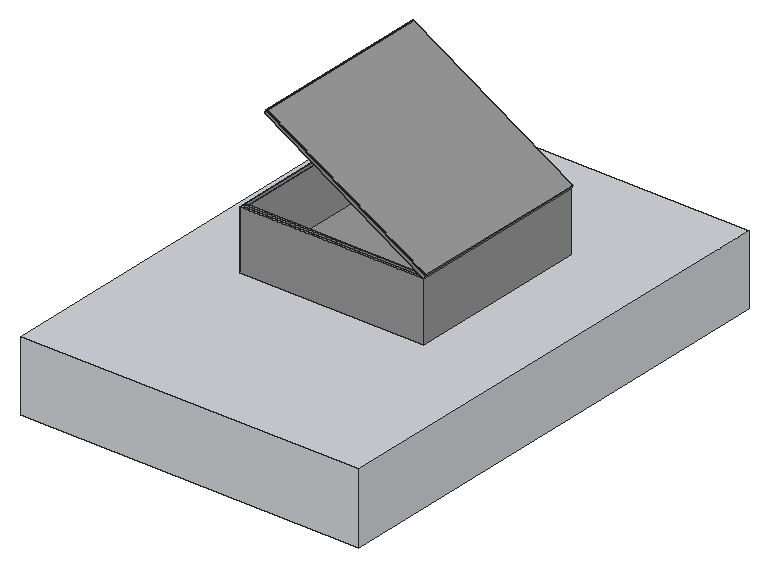
Revit family "Hager-Univers-IP55-D275-H800-Cl.I-Steel_encl-CH-de", category Equipement électrique, Revit 2020
Family settings
  Hôte = Face
  Configuration du panneau = Deux colonnes, circuits au sein
  Cote de connecteur circulaire = Utiliser le diamètre
  Type d'élément = Tableau de raccordement
  Couper avec des vides une fois chargée = Non
  Partagée = Non
  Point de calcul de pièce = Non
Parameters (values of type "Aufputz IP55 B800 H800 T275  - FR53E")
  Width Control [instance] = if([EF000008 - Breite] > Min Width, [EF000008 - Breite], Min Width)  # 800 mm
  Commentaires du type = [HG000003 - Bereich]  # "Univers"
  Thickness Door [instance] = if([EF009171 - Materialstärke Tür/Deckel] > 3 mm, 3 mm, [EF009171 - Materialstärke Tür/Deckel])  # 1.5 mm
  Seal Frame Offset [instance] = 17 mm  # constant formula
  Plinth Visibility [instance] = [HG000027 - Sockelhöhe] > 0 mm  # no
  Model = ""
  Min Width [instance] = 100 mm  # constant formula
  Min Height [instance] = 100 mm  # constant formula
  Min Depth [instance] = (2 * [EF009170 - Materialstärke Gehäuse]) + 1 mm  # 4 mm
  Internal Frame Depth [instance] = (Door System Depth * 0.5)  # 9 mm
  Height Control [instance] = if([EF000040 - Höhe] > Min Height, [EF000040 - Höhe], Min Height)  # 800 mm
  HG000027 - Sockelhöhe = 0 mm
  HG000026 - Stehend auf dem Boden = no
  HG000024 - Höhe des unteren Teils = 800 mm
  HG000023 - Gehäuse mit doppeltem Querschnitt = no
  HG000016 - 3D-Türsichtbarkeit [instance] = yes
  HG000015 - Sichtbarkeit der Türöffnung [instance] = no
  HG000014 - Tür rechts [instance] = yes
  HG000013 - Tür links [instance] = not([HG000014 - Tür rechts])  # no
  HG000012 - Türschwenkwinkel [instance] = 30.00°
  HG000010 - Asymmetrische Türen = no
  HG000009 - Doppelflügeligen Tür = no
  HG000006 - Unterputz = no
  HG000004 - Herstellerreferenz = "FR53E"
  HG000003 - Bereich = "Univers"
  HG000002 - Mit tür = yes
  Frame Offset Bottom [instance] = 10 mm  # constant formula
  Frame Offset [instance] = 15 mm  # constant formula
  EF015940 - Deckel mit Überdruckentlastung = no
  EF011959 - Schutzart (NEMA) = ""
  EF009554 - Anzahl der Öffnungen für Flanschplatten = 6
  Fabricant = "Hager"  # constant formula
  EF009212 - Ausführung Deckel = "EV000116 - geschlossen"
  EF009171 - Materialstärke Tür/Deckel = 1.5 mm
  EF009170 - Materialstärke Gehäuse = 1.5 mm
  EF008873 - Nennstrom (In) = 800 A
  EF007800 - Geeignet für Blitzschutz = no
  EF006306 - Mit Schloss = no
  EF006244 - Transparenter Deckel/Tür = no
  EF005474 - Schutzart (IP) = "EV006420 - IP55"
  EF004464 - Art der Tür = "EV002646 - Einzel"
  EF004427 - Anzahl der Module = 180
  EF004293 - Schlagfestigkeit = "EV008784 - IK10"
  EF003532 - Geeignet für Außengebrauch = no
  EF002950 - Breite in Teilungseinheiten = 24
  EF001613 - Funktionserhalt = "EV000494 - ohne"
  EF001596 - Werkstoff des Gehäuses = "EV000179 - Stahl"
  EF001131 - Innentiefe = 275 mm
  EF001088 - Anbaumöglichkeit = yes
  EF000437 - Anzahl der Leitungseinführungen = 6
  EF000339 - Art der Abdeckung = "EV004216 - Tür"
  EF000266 - Anzahl der Reihen = 5
  EF000218 - Einbautiefe = 0 mm
  EF000118 - Mit Montageplatte = no
  EF000116 - RAL-Nummer = "7035"
  EF000049 - Tiefe = 275 mm
  EF000040 - Höhe = 800 mm
  EF000008 - Breite = 800 mm
  EF000007 - Farbe = "EV000270 - grau"
  EF000003 - Montageart = "EV000384 - Aufputz"
  Door System Leaf Tolerance [instance] = 1.5 mm  # constant formula
  Door System Depth [instance] = 18 mm  # constant formula
  Door Height [instance] = Height Control - [HG000027 - Sockelhöhe]  # 800 mm
  Depth Control [instance] = if([EF000049 - Tiefe] > Min Depth, [EF000049 - Tiefe], Min Depth)  # 275 mm
  Default Elevation = 0 mm
  Connector Offset [instance] = Height Control / 2  # 400 mm
  Bottom Top Plate Trim [instance] = 1.5 mm  # constant formula
  Plinth height Ctrl [instance] = if([HG000027 - Sockelhöhe] > 0 mm, [HG000027 - Sockelhöhe], 12 mm)  # 12 mm
Types (5, lengths in mm): name | Width Control | HG000010 - Asymmetrische Türen | HG000009 - Doppelflügeligen Tür | HG000004 - Herstellerreferenz | EF009554 - Anzahl der Öffnungen für Flanschplatten | EF004464 - Art der Tür | EF004427 - Anzahl der Module | EF000437 - Anzahl der Leitungseinführungen | EF000008 - Breite
  Aufputz IP55 B1050 H800 T275  - FR54E | 1050 | no | yes | "FR54E" | 8 | "EV003602 - Doppel" | 240 | 8 | 1050
  Aufputz IP55 B1300 H800 T275  - FR55E | 1300 | yes | yes | "FR55E" | 10 | "EV003602 - Doppel" | 300 | 10 | 1300
  Aufputz IP55 B300 H800 T275  - FR51E | 300 | no | no | "FR51E" | 2 | "EV002646 - Einzel" | 60 | 2 | 300
  Aufputz IP55 B550 H800 T275  - FR52E | 550 | no | no | "FR52E" | 4 | "EV002646 - Einzel" | 120 | 4 | 550
  Aufputz IP55 B800 H800 T275  - FR53E | 800 | no | no | "FR53E" | 6 | "EV002646 - Einzel" | 180 | 6 | 800
Reference planes
  plane 1 "Center (Front/Back)": y = 0
  plane 2: z = 0
  plane 3 "Center (Left/Right)": x = 0
  plane 4: z = 275
  plane 5: y = 1.5
  plane 6: y = 400
  plane 7: y = 0
  plane 8: y = 800
  plane 9: z = 0
  plane 10: x = -385
  plane 11: x = 385
  plane 12: x = 383.5
  plane 13: x = -383.5
  plane 14: y = 798.5
  plane 15: x = -383
  plane 16: x = -400
  plane 17: x = 383
  plane 18: x = 400
  plane 19: x = 398.5
  plane 20: x = -398.5
  plane 21: y = 11.5
  plane 22: y = 800
  plane 23: y = 783.5
  plane 24: z = 257
  plane 25: z = 1.5
  plane 26: z = 255.5
  plane 27: z = 273.5
Forms (mm)
  Extrusion 1, solid
    sketch origin (0, 0, 0) x (1, 0, 0) y (0, 1, 0)
      loop
        line (-702.964, 1305) -> (-702.964, -811.445) -> (766.763, -811.445) -> (766.763, 1305) -> (-702.964, 1305)
    from 0 to -304.8
  Extrusion 2, solid, material "Hager_Steel_RAL7035_Light_Grey", visible <- "Plinth Visibility", detail levels medium+fine
    sketch origin (0, 0, 0) x (1, 0, 0) y (0, 1, 0)
      loop
        line (-400, 0) -> (400, 0) -> (400, 12) -> (-400, 12) -> (-400, 0)
    from 0 to 257
  Extrusion 3, solid, material "Hager_Steel_RAL7035_Light_Grey", detail levels medium+fine
    sketch origin (0, 0, 0) x (1, 0, 0) y (0, 1, 0)
      loop
        line (-400, 0) -> (400, 0) -> (400, 800) -> (-400, 800) -> (-400, 0)
    from 0 to 257
  Extrusion 4, void
    sketch origin (0, 0, 0) x (1, 0, 0) y (0, 1, 0)
      loop
        line (-398.5, 1.5) -> (398.5, 1.5) -> (398.5, 798.5) -> (-398.5, 798.5) -> (-398.5, 1.5)
    from 1.5 to 255.5
  Extrusion 5, void
    sketch origin (-381.607, -4572, 257) x (0, -1, 0) y (-1, 0, 0)
      loop
        line (-4583.5, 1.893) -> (-5355.5, 1.893) -> (-5355.5, -765.107) -> (-4583.5, -765.107) -> (-4583.5, 1.893)
    from 0 to 1.5 <- "EF009170 - Materialstärke Gehäuse"
  Extrusion 6, solid, material "Hager_Steel_RAL7035_Light_Grey", detail levels fine
    sketch origin (0, 0, 257) x (1, 0, 0) y (0, 1, 0)
      loop
        line (-383.5, 783.5) -> (-383.5, 11.5) -> (383.5, 11.5) -> (383.5, 783.5) -> (-383.5, 783.5)
      loop
        line (-385, 10) -> (385, 10) -> (385, 785) -> (-385, 785) -> (-385, 10)
    from 0 to 9 <- "Internal Frame Depth"
  Extrusion 7, solid, material "Hager_Steel_RAL7035_Light_Grey", detail levels coarse
    sketch origin (0, 0, 0) x (1, 0, 0) y (0, 1, 0)
      loop
        line (-400, 0) -> (400, 0) -> (400, 800) -> (-400, 800) -> (-400, 0)
    from 0 to 275
  Sweep 8, void
    path in 3D
      loop
        line (-400, 12, 0) -> (400, 12, 0) -> (400, 12, 257) -> (-400, 12, 257) -> (-400, 12, 0)
    profile origin (-400, 12, 128.5) x (-1, 0, 0) y (0, -1, 0)
      loop
        line (0, 0) -> (0, 1.5) -> (-1.5, 1.5)
        arc (-1.5, 1.5) -> (-1.061, 0.439) -> (0, 0) r 1.5
Cuts and joins
  Extrusion 4, Extrusion 5 cuts Extrusion 3
  Sweep 8 cuts Extrusion 2
Lines and regions (mm)
  Masking region 1
    outline origin (0, 0, 0) x (1, 0, 0) y (0, 0, 1)
      loop
        line (-400, 275) -> (-400, 0) -> (400, 0) -> (400, 275) -> (-400, 275)
  Masking region 2, detail levels medium+fine
    outline origin (0, 140, 0) x (0, 1, 0) y (0, 0, 1)
      loop
        line (-140, 0) -> (660, 0) -> (660, 257) -> (-140, 257) -> (-140, 0)
  Masking region 3, not visible, detail levels medium+fine
    outline origin (0, 297.922, 0) x (0, 1, 0) y (0, 0, 1)
      loop
        line (113.578, 0) -> (153.578, 0) -> (153.578, 263.5)
        arc (153.578, 263.5) -> (150.649, 270.571) -> (143.578, 273.5) r 10
        line (143.578, 273.5) -> (113.578, 273.5) -> (113.578, 0)
  Masking region 4, detail levels coarse
    outline origin (0, 0, 180) x (0, 1, 0) y (0, 0, 1)
      loop
        line (0, -180) -> (800, -180) -> (800, 95) -> (0, 95) -> (0, -180)
  Masking region 5, visible <- "Plinth Visibility", detail levels medium+fine
    outline origin (0, 52.24, 12.345) x (0, 0, -1) y (0, 1, 0)
      loop
        line (10.845, -40.24) -> (-243.155, -40.24)
        arc (-243.155, -40.24) -> (-243.594, -41.301) -> (-244.655, -41.74) r 1.5
        line (-244.655, -41.74) -> (-244.655, -52.24) -> (12.345, -52.24) -> (12.345, -41.74)
        arc (12.345, -41.74) -> (11.285, -41.301) -> (10.845, -40.24) r 1.5
  Masking region 6, detail levels medium+fine
    outline origin (-381.607, -4572, 257) x (-1, 0, 0) y (0, -1, 0)
      loop
        line (18.393, -5372) -> (18.393, -4572) -> (-781.607, -4572) -> (-781.607, -5372) -> (18.393, -5372)
  Masking region 7, visible <- "Plinth Visibility", detail levels medium+fine
    outline origin (-381.607, -4727, 257) x (-1, 0, 0) y (0, -1, 0)
      loop
        arc (16.893, -4739) -> (17.332, -4737.939) -> (18.393, -4737.5) r 1.5
        line (18.393, -4737.5) -> (18.393, -4727) -> (-781.607, -4727) -> (-781.607, -4737.5)
        arc (-781.607, -4737.5) -> (-780.546, -4737.939) -> (-780.107, -4739) r 1.5
        line (-780.107, -4739) -> (16.893, -4739)
  Masking region 8, detail levels coarse
    outline origin (-442.548, -4669.526, 257) x (-1, 0, 0) y (0, -1, 0)
      loop
        line (-42.548, -5469.526) -> (-42.548, -4669.526) -> (-842.548, -4669.526) -> (-842.548, -5469.526) -> (-42.548, -5469.526)
  sketch lines
    curve 1: line (-400, 12, 257) -> (-400, 12, 0)
    curve 2: line (400, 12, 257) -> (-400, 12, 257)
    curve 3: line (400, 12, 257) -> (400, 12, 0)
    curve 4: line (-400, 12, 0) -> (400, 12, 0)
Dimensions and locks
  "Depth Control": plane 4 to Extrusion 1
  "HG000027 - Sockelhöhe": plane 1 "Center (Front/Back)" to plane 7
  "EF009170 - Materialstärke Gehäuse": plane 5 to plane 7
  locked: connector elem to plane 3 "Center (Left/Right)"
  equal spacing: plane 8, plane 6, plane 7
  locked: connector elem to plane 6
  "EF009170 - Materialstärke Gehäuse": plane 8 to plane 14
  "EF009170 - Materialstärke Gehäuse": plane 10 to plane 13
  "EF009170 - Materialstärke Gehäuse": plane 12 to plane 11
  "Frame Offset": plane 20 to plane 13
  "Frame Offset": plane 12 to plane 19
  "EF009170 - Materialstärke Gehäuse": plane 16 to plane 20
  "EF009170 - Materialstärke Gehäuse": plane 19 to plane 18
  "Seal Frame Offset": plane 16 to plane 15
  "Seal Frame Offset": plane 17 to plane 18
  "Frame Offset Bottom": plane 21 to plane 5
  "Frame Offset": plane 14 to plane 23
  equal spacing: plane 16, plane 3 "Center (Left/Right)", plane 18
  "Width Control": plane 16 to plane 18
  "EF009170 - Materialstärke Gehäuse": plane 4 to plane 27
  "EF009170 - Materialstärke Gehäuse": plane 24 to plane 26
  "EF009170 - Materialstärke Gehäuse": plane 25 to level
  "Door System Depth": plane 4 to plane 24
  "Height Control": plane 1 "Center (Front/Back)" to Extrusion 7 sketch curve
  "Height Control": Masking region 4 sketch curve to plane 1 "Center (Front/Back)"
  "Height Control": plane 1 "Center (Front/Back)" to plane 22
  "Bottom Top Plate Trim": profile plane to Sweep 8 sketch curve
  "Bottom Top Plate Trim": Sweep 8 sketch curve to profile plane
  "Plinth height Ctrl": plane 1 "Center (Front/Back)" to Extrusion 2 sketch curve
  "Plinth height Ctrl": Masking region 5 sketch curve to plane 1 "Center (Front/Back)"
  "Plinth height Ctrl": plane 1 "Center (Front/Back)" to Masking region 7 sketch curve
  "Thickness Door": Extrusion 6 sketch curve to Extrusion 6 sketch curve  (x3)
  "Thickness Door": cut or joined group of Extrusion 3, Extrusion 4, Extrusion 5 to Extrusion 6 sketch curve
  radius of Masking region 3 sketch curve = 10 mm
  "Bottom Top Plate Trim": radius of Masking region 5 sketch curve  (x2)
  "Bottom Top Plate Trim": radius of Sweep 8 sketch curve
  "Bottom Top Plate Trim": radius of Masking region 7 sketch curve  (x2)
  aligned and locked: plane 2 to Extrusion 1
  aligned and locked: level to Extrusion 1
  aligned and locked: level to Masking region 1 sketch curve
  aligned and locked: Masking region 1 sketch curve to plane 18
  aligned and locked: Masking region 1 sketch curve to plane 16
  aligned and locked: plane 7 to Masking region 2 sketch curve
  aligned and locked: level to Masking region 3 sketch curve
  aligned and locked: Masking region 3 sketch curve to plane 27
  aligned and locked: level to Masking region 2 sketch curve
  aligned and locked: plane 1 "Center (Front/Back)" to Extrusion 2 sketch curve
  aligned and locked: Extrusion 3 sketch curve to plane 7
  aligned and locked: plane 16 to Extrusion 3 sketch curve
  aligned and locked: plane 18 to Extrusion 3 sketch curve
  aligned and locked: plane 20 to Extrusion 4 sketch curve
  aligned and locked: plane 19 to Extrusion 4 sketch curve
  aligned and locked: Extrusion 4 sketch curve to plane 5
  aligned and locked: Extrusion 4 to plane 25
  aligned and locked: plane 26 to Extrusion 4
  aligned and locked: plane 24 to Extrusion 3
  aligned and locked: Extrusion 5 sketch curve to plane 21
  aligned and locked: Extrusion 5 sketch curve to plane 13
  aligned and locked: Extrusion 5 sketch curve to plane 12
  aligned and locked: plane 18 to Extrusion 7 sketch curve
  aligned and locked: plane 1 "Center (Front/Back)" to Extrusion 7 sketch curve
  aligned and locked: plane 16 to Extrusion 7 sketch curve
  aligned and locked: plane 4 to Extrusion 7
  aligned and locked: Extrusion 7 to level
  aligned and locked: level to Masking region 4 sketch curve
  aligned and locked: Masking region 4 sketch curve to plane 1 "Center (Front/Back)"
  aligned and locked: Masking region 4 sketch curve to plane 4
  aligned and locked: nested 1 to level
  aligned and locked: nested 1 to plane 16
  aligned and locked: plane 8 to Extrusion 3 sketch curve
  aligned and locked: plane 23 to Extrusion 5 sketch curve
  aligned and locked: plane 14 to Extrusion 4 sketch curve
  aligned and locked: Masking region 2 sketch curve to plane 8
  aligned and locked: level to Masking region 5 sketch curve
  aligned and locked: plane 16 to Extrusion 2 sketch curve
  aligned and locked: plane 18 to Extrusion 2 sketch curve
  aligned and locked: Masking region 5 sketch curve to plane 24
  aligned and locked: Masking region 2 sketch curve to plane 24
  aligned and locked: plane 24 to Extrusion 2
  aligned and locked: profile plane to Sweep 8 sketch curve  (x2)
  aligned and locked: Masking region 6 sketch curve to plane 18
  aligned and locked: Masking region 6 sketch curve to plane 22
  aligned and locked: Masking region 6 sketch curve to plane 16
  aligned and locked: plane 8 to plane 22
  aligned and locked: Masking region 6 sketch curve to plane 7
  aligned and locked: Masking region 7 sketch curve to plane 16
  aligned and locked: Masking region 7 sketch curve to plane 1 "Center (Front/Back)"
  aligned and locked: Masking region 7 sketch curve to plane 18
  aligned and locked: Masking region 8 sketch curve to plane 1 "Center (Front/Back)"
  aligned and locked: Masking region 8 sketch curve to plane 18
  aligned and locked: Masking region 8 sketch curve to plane 22
  aligned and locked: Masking region 8 sketch curve to plane 16
  aligned and locked: nested 2 to plane 7
  aligned and locked: plane 3 "Center (Left/Right)" to nested 2
  aligned and locked: nested 2 to plane 24
  aligned and locked: Extrusion 6 sketch curve to cut or joined group of Extrusion 3, Extrusion 4, Extrusion 5  (x4)
Automatic sketch dimensions
  Extrusion 1 sketch curve to Extrusion 1 sketch curve = 1469.727 mm
  Extrusion 1 sketch curve to Extrusion 1 sketch curve = 2116.445 mm
  Masking region 1 sketch curve to plane 4 = 0 mm
  plane 6 to Masking region 3 sketch curve = 11.5 mm
  Masking region 3 sketch curve to Masking region 3 sketch curve = 30 mm
  Masking region 5 sketch curve to plane 1 "Center (Front/Back)" = 0 mm
Nested families
  nested 1: "Hager_Enclosure_Symbol" at (-400, 0, 0) x (1, 0, 0) z (0, -1, 0), Height <- "Depth Control", Width <- "Width Control", type "Hager_Enclosure_Symbol"
    with Width_Ctrl 800 mm, Width 800 mm, Height_Ctrl 275 mm, Height 275 mm, A_Width_Int 18.047 mm, A_Width 216.562 mm, A_Height_Ctrl 240.625 mm, A_Height 240.625 mm
  nested 2: "EC000058_Univers_Door" at (0, 0, 257) x (1, 0, 0) z (0, 1, 0), Leaf_Tolerance <- "Door System Leaf Tolerance", Angle <- "HG000012 - Türschwenkwinkel", Door_Depth <- "Door System Depth", Door_Left <- "HG000013 - Tür links", Transparent <- "EF006244 - Transparenter Deckel/Tür", Assymetrical <- "HG000010 - Asymmetrische Türen", Width <- "Width Control", Clearance <- "HG000015 - Sichtbarkeit der Türöffnung", Double <- "HG000009 - Doppelflügeligen Tür", 3d_Door <- "HG000016 - 3D-Türsichtbarkeit", Lock_Visibility <- "EF006306 - Mit Schloss", Width_Ctrl <- "Width Control", Door_Right <- "HG000014 - Tür rechts", Door <- "HG000002 - Mit tür", Height <- "Door Height", Thickness <- "Thickness Door", type "EC000058_Univers_Door", detail levels medium+fine
    with min_wh 4 mm, Width_Ctrl 800 mm, Width 800 mm, Transparent no, Thickness 1.5 mm, Seal_Material Hager_Rubber, Lock_Visibility no, Lock_Material Hager_Plastic_RAL9005_Jet_Black, Leaf_Width 800 mm, Leaf_Tolerance_External_Sides 0 mm, Leaf_Tolerance 1.5 mm, Leaf_Offset 0 mm, Leaf_Height 797 mm, Leaf_2_Width 800 mm, Leaf_2_Offset 400 mm, Leaf_1_Width 800 mm, Leaf_1_Offset 400 mm, Height_Ctrl 800 mm, Height 800 mm, Glass_Material Hager_Glass, Double_Clearance_Ctrl no, Double no, Door_Right_Ctrl yes, Door_Right yes, Door_Material Hager_Steel_RAL7035_Light_Grey, Door_Left_Ctrl no, Door_Left no, Door_Depth 18 mm, Door yes, Clearance_Material Hager_Clearance, Clearance_Depth 800 mm, Clearance_Ctrl no, Clearance no, Assymetrical no, Angle 30.00°, 3d_Door yes
Connectors
  electrical at (0, 400, 0)
    settings: on plane 9, index 1, voltage 0 V, apparent load 0 VA, apparent load phase1 0 VA, apparent load phase2 0 VA, apparent load phase3 0 VA, power factor 1, load classification "Other", number of poles 1, system type 30, power factor state 1, is connector primary yes, connector utility no, sub classification motor no, connector description ""
Definition of nested family "EC000058_Univers_Door"
  Parameters (values of type "EC000058_Univers_Door")
    min_wh [instance] = (2 * Thickness) + 1 mm  # 11 mm
    Width_Ctrl [instance] = 400 mm
    Width [instance] = 500 mm
    Transparent [instance] = yes
    Thickness [instance] = 5 mm
    Seal_Material [instance] = none
    Lock_Visibility [instance] = yes
    Lock_Material [instance] = none
    Leaf_Width [instance] = if((Width_Ctrl - 2 * Leaf_Tolerance_External_Sides) > 0 mm, (Width_Ctrl - 2 * Leaf_Tolerance_External_Sides), min_wh)  # 400 mm
    Leaf_Tolerance_External_Sides [instance] = 0 mm  # constant formula
    Leaf_Tolerance [instance] = 1.5 mm
    Leaf_Offset [instance] = 0 mm  # constant formula
    Leaf_Height [instance] = if((Height_Ctrl - 2 * Leaf_Tolerance) > 0 mm, (Height_Ctrl - 2 * Leaf_Tolerance), min_wh)  # 497 mm
    Leaf_2_Width [instance] = if(and(and(Double, Assymetrical), Door_Left), (Leaf_Width / 3) - (Leaf_Tolerance / 2), if(and(and(Double, Assymetrical), Door_Right), (Leaf_Width / 3) * 2 - (Leaf_Tolerance / 2), if(and(Double, not(Assymetrical)), (Leaf_Width / 2) - Leaf_Tolerance, Leaf_Width)))  # 400 mm
    Leaf_2_Offset [instance] = if(and(Double, Assymetrical), Leaf_2_Width / 2, if(and(Double, not(Assymetrical)), Leaf_Width / 4, Leaf_Width / 2))  # 200 mm
    Leaf_1_Width [instance] = if(and(and(Double, Assymetrical), Door_Right), (Leaf_Width / 3) - (Leaf_Tolerance / 2), if(and(and(Double, Assymetrical), Door_Left), (Width / 3) * 2 - (Leaf_Tolerance / 2), if(and(Double, not(Assymetrical)), (Leaf_Width / 2) - Leaf_Tolerance, Leaf_Width)))  # 400 mm
    Leaf_1_Offset [instance] = if(and(Double, Assymetrical), Leaf_1_Width / 2, if(and(Double, not(Assymetrical)), Leaf_Width / 4, Leaf_Width / 2))  # 200 mm
    Height_Ctrl [instance] = if(Height > min_wh, Height, min_wh)  # 500 mm
    Height [instance] = 500 mm
    Glass_Material [instance] = none
    Double_Clearance_Ctrl [instance] = and(Double, Clearance)  # no
    Double [instance] = no
    Door_Right_Ctrl [instance] = and(or(Door_Right, Double), Door)  # yes
    Door_Right [instance] = yes
    Door_Material [instance] = none
    Door_Left_Ctrl [instance] = and(or(Door_Left, Double), Door)  # no
    Door_Left [instance] = no
    Door_Depth [instance] = 30 mm
    Door [instance] = yes
    Default Elevation = 1219.2 mm
    Clearance_Material [instance] = none
    Clearance_Depth [instance] = if(Leaf_1_Width > Leaf_2_Width, Leaf_1_Width, Leaf_2_Width)  # 400 mm
    Clearance_Ctrl [instance] = and(not(Double), Clearance)  # yes
    Clearance [instance] = yes
    Assymetrical [instance] = yes
    Angle [instance] = 30.00°
    3d_Door [instance] = yes
  Reference planes
    plane 1 "Center (Front/Back)": y = 0
    plane 2 "Bottom": z = 0
    plane 3 "Center (Left/Right)": x = 0
    plane 4: z = 500
    plane 5: x = -200
    plane 6: x = 200
    plane 7: z = 500
    plane 8: x = -200
    plane 9: z = 0
    plane 10: x = 200
    plane 11: y = 0
    plane 12: z = 1.5
    plane 13: x = -600
    plane 14: y = -400
    plane 15: x = 600
    plane 16: x = 0
    plane 17: x = 0
    plane 18: x = -200
    plane 19: x = 200
    plane 20: z = 498.5
  Forms (mm)
    Extrusion 1, solid, material <- "Clearance_Material", visible <- "Double_Clearance_Ctrl"
      sketch origin (1200, 0, 0) x (1, 0, 0) y (0, 0, -1)
        loop
          line (-1800, -498.5) -> (-600, -498.5) -> (-600, 0) -> (-1800, 0) -> (-1800, -498.5)
      from 0 to -400
  Dimensions and locks
    equal spacing: plane 5, plane 3 "Center (Left/Right)", plane 6
    "Width_Ctrl": plane 5 to plane 6
    "Leaf_Offset": plane 5 to plane 8
    "Leaf_Offset": plane 6 to plane 10
    "Leaf_Offset": plane 9 to level
    "Leaf_Offset": plane 4 to plane 7
    "Height_Ctrl": plane 4 to level
    "Leaf_Tolerance": plane 12 to plane 9
    locked: plane 11 to plane 1 "Center (Front/Back)"
    "Leaf_1_Offset": plane 18 to plane 16
    "Leaf_2_Offset": plane 17 to plane 19
    "Leaf_1_Width": plane 13 to plane 8
    "Leaf_2_Width": plane 10 to plane 15
    "Clearance_Depth": plane 14 to plane 1 "Center (Front/Back)"
    "Leaf_Tolerance_External_Sides": plane 8 to plane 18
    "Leaf_Tolerance_External_Sides": plane 19 to plane 10
    "Leaf_Tolerance": plane 7 to plane 20
    aligned and locked: level to plane 2 "Bottom"
    aligned and locked: nested 1 to plane 16
    aligned and locked: nested 2 to plane 17
    aligned and locked: Extrusion 1 to plane 13
    aligned and locked: plane 15 to Extrusion 1
    aligned and locked: Extrusion 1 to plane 14
    aligned and locked: plane 12 to nested 1
    aligned and locked: nested 2 to plane 12
    aligned and locked: Extrusion 1 to plane 11
    aligned and locked: plane 20 to Extrusion 1
    aligned and locked: nested 2 to plane 11
    aligned and locked: nested 1 to plane 11
  Automatic sketch dimensions
    Extrusion 1 sketch curve to level = 0 mm
    plane 5 to Extrusion 1 sketch curve = 400 mm
    plane 6 to Extrusion 1 sketch curve = 400 mm
    Extrusion 1 sketch curve to plane 4 = 1.5 mm
  Nested families
    nested 1: "EC000058_Univers_Door_Leaf" at (0, 0, 1.5), Width <- "Leaf_1_Width", visible <- "Door_Left_Ctrl", Leaf_Height <- "Leaf_Height", Angle <- "Angle", 3d_Door <- "3d_Door", Transparent <- "Transparent", Clearance Material <- "Clearance_Material", Clearance <- "Clearance_Ctrl", Door_Material <- "Door_Material", Glass_Material <- "Glass_Material", Door_Depth <- "Door_Depth", Lock_Material <- "Lock_Material", Seal_Material <- "Seal_Material", Lock_Visibility <- "Lock_Visibility", Thickness <- "Thickness", type "EC000058_Univers_Door_Leaf"
      with Width 400 mm, Transparent_Glass_Offset 30 mm, Transparent_Ctrl yes, Transparent yes, Thickness 5 mm, Standard no, Seal_Material none, Seal_D2 8 mm, Seal_D1 1 mm, Offset_Internal_Frame 10 mm, Lock_Width 20 mm, Lock_Visibility_3d yes, Lock_Visibility yes, Lock_Thickness_3 3 mm, Lock_Thickness_2 1 mm, Lock_Thickness_1 3 mm, Lock_Radius_Offset_2 16 mm, Lock_Radius_Offset_1 15 mm, Lock_Radius_2 5 mm, Lock_Radius 6 mm, Lock_Offset 5 mm, Lock_Material none, Lock_Height 80 mm, Lock_Cover_Top_Offset_2d 17 mm, Lock_Cover_Height -65 mm, Leaf_Height 497 mm, Internal_Seal_Thickness 8 mm, Internal_Seal_Depth_2 4.5 mm, Internal_Frame_Depth 25 mm, Glass_Thickness -1 mm, Glass_Offset -2 mm, Glass_Material none, Door_Material none, Door_Depth 30 mm, Clearance Material none, Clearance yes, Angle_Ctrl 30.00°, Angle 30.00°, 3d_Door yes
    nested 2: "EC000058_Univers_Door_Leaf" at (0, 0, 1.5) x (-1, 0, 0) z (0, 0, 1), Width <- "Leaf_2_Width", visible <- "Door_Right_Ctrl", Leaf_Height <- "Leaf_Height", Angle <- "Angle", 3d_Door <- "3d_Door", Transparent <- "Transparent", Clearance Material <- "Clearance_Material", Clearance <- "Clearance_Ctrl", Door_Material <- "Door_Material", Glass_Material <- "Glass_Material", Door_Depth <- "Door_Depth", Lock_Material <- "Lock_Material", Seal_Material <- "Seal_Material", Lock_Visibility <- "Lock_Visibility", Thickness <- "Thickness", type "EC000058_Univers_Door_Leaf"
      with Width 400 mm, Transparent_Glass_Offset 30 mm, Transparent_Ctrl yes, Transparent yes, Thickness 5 mm, Standard no, Seal_Material none, Seal_D2 8 mm, Seal_D1 1 mm, Offset_Internal_Frame 10 mm, Lock_Width 20 mm, Lock_Visibility_3d yes, Lock_Visibility yes, Lock_Thickness_3 3 mm, Lock_Thickness_2 1 mm, Lock_Thickness_1 3 mm, Lock_Radius_Offset_2 16 mm, Lock_Radius_Offset_1 15 mm, Lock_Radius_2 5 mm, Lock_Radius 6 mm, Lock_Offset 5 mm, Lock_Material none, Lock_Height 80 mm, Lock_Cover_Top_Offset_2d 17 mm, Lock_Cover_Height -65 mm, Leaf_Height 497 mm, Internal_Seal_Thickness 8 mm, Internal_Seal_Depth_2 4.5 mm, Internal_Frame_Depth 25 mm, Glass_Thickness -1 mm, Glass_Offset -2 mm, Glass_Material none, Door_Material none, Door_Depth 30 mm, Clearance Material none, Clearance yes, Angle_Ctrl 30.00°, Angle 30.00°, 3d_Door yes
  Definition of nested family "EC000058_Univers_Door_Leaf"
    Parameters (values of type "EC000058_Univers_Door_Leaf")
      Width [instance] = 2000 mm
      Transparent_Glass_Offset [instance] = 30 mm
      Transparent_Ctrl [instance] = and(Transparent, [3d_Door])  # yes
      Transparent [instance] = yes
      Thickness [instance] = 5 mm
      Standard [instance] = and(not(Transparent), [3d_Door])  # no
      Seal_Material [instance] = none
      Seal_D2 [instance] = 8 mm  # constant formula
      Seal_D1 [instance] = 1 mm  # constant formula
      Offset_Internal_Frame [instance] = 10 mm  # constant formula
      Lock_Width [instance] = 20 mm  # constant formula
      Lock_Visibility_3d [instance] = and(Lock_Visibility, [3d_Door])  # yes
      Lock_Visibility [instance] = yes
      Lock_Thickness_3 [instance] = 3 mm  # constant formula
      Lock_Thickness_2 [instance] = 1 mm  # constant formula
      Lock_Thickness_1 [instance] = 3 mm  # constant formula
      Lock_Radius_Offset_2 [instance] = Lock_Radius_Offset_1 + 1 mm  # 16 mm
      Lock_Radius_Offset_1 [instance] = 15 mm  # constant formula
      Lock_Radius_2 [instance] = Lock_Radius - 1 mm  # 5 mm
      Lock_Radius [instance] = 6 mm  # constant formula
      Lock_Offset [instance] = 5 mm  # constant formula
      Lock_Material [instance] = none
      Lock_Height [instance] = 80 mm  # constant formula
      Lock_Cover_Top_Offset_2d [instance] = Lock_Radius_Offset_2 + 1 mm  # 17 mm
      Lock_Cover_Height [instance] = -(Lock_Height - Lock_Radius_Offset_1)  # -65 mm
      Leaf_Height [instance] = 2720.336 mm
      Internal_Seal_Thickness [instance] = 8 mm  # constant formula
      Internal_Seal_Depth_2 [instance] = 4.5 mm  # constant formula
      Internal_Frame_Depth [instance] = if(Door_Depth - Thickness > 5 mm, Door_Depth - Thickness, 5 mm)  # 25 mm
      Glass_Thickness [instance] = if(Thickness > 15 mm, Glass_Offset + 10 mm, -1 mm)  # -1 mm
      Glass_Offset [instance] = if(Thickness > 15 mm, -(Thickness + 10 mm) / 2, -2 mm)  # -2 mm
      Glass_Material [instance] = none
      Door_Material [instance] = none
      Door_Depth [instance] = 30 mm
      Default Elevation = 0 mm
      Clearance Material [instance] = none
      Clearance [instance] = yes
      Angle_Ctrl [instance] = if(Angle > 180.00°, 180.00°, Angle)  # 90.00°
      Angle [instance] = 90.00°
      3d_Door [instance] = yes
    Reference planes
      plane 1 "Center (Front/Back)": y = 0
      plane 2: z = 0
      plane 3 "Center (Left/Right)": x = 0
      plane 4: y = 2000
      plane 5: x = -1000
      plane 6: x = 1000
      plane 7: x = -3000
      plane 8: z = 2720.336
      plane 9: z = 30
      plane 10: z = 2690.336
      plane 11: x = 970
      plane 12: x = -970
      plane 13: y = -3
      plane 14: z = 107.833
      plane 15: y = -5
      plane 16: y = -223.314
      plane 17: x = -1000
      plane 18: z = 1360.168
      plane 19: y = 30
    Forms (mm)
      Extrusion 1, solid, material <- "Clearance Material", visible <- "Clearance"
        sketch origin (0, 0, 0) x (1, 0, 0) y (0, 0, 1)
          loop
            line (-3000, 2720.336) -> (-3000, 0) -> (1000, 0) -> (1000, 2720.336) -> (-3000, 2720.336)
        from 0 to -2000
      Extrusion 2, solid, material <- "Door_Material", visible <- "Standard", detail levels medium+fine
        sketch origin (-1000, 0, 0) x (0, 1, 0) y (-1, 0, 0)
          loop
            line (0, 30) -> (0, 25) -> (2000, 25) -> (2000, 30) -> (0, 30)
        from 0 to 2720.336 <- "Leaf_Height"
      Extrusion 3, solid, material <- "Door_Material", visible <- "Transparent_Ctrl", detail levels medium+fine
        sketch origin (-1000, 0, 0) x (0, 1, 0) y (-1, 0, 0)
          loop
            line (0, 25) -> (2000, 25) -> (2000, 30) -> (0, 30) -> (0, 25)
        from 0 to 2720.336 <- "Leaf_Height"
      Extrusion 4, void
        sketch origin (-1025, 2000, 0) x (0, 1, 0) y (0, 0, -1)
          loop
            line (-30, -2690.336) -> (-30, -30) -> (-1970, -30) -> (-1970, -2690.336) -> (-30, -2690.336)
        from 0 to 5 <- "Thickness"
      Sweep 5, solid, material <- "Seal_Material", visible <- "Transparent_Ctrl", detail levels fine
        path in 3D
          loop
            line (-1025, 30, 30) -> (-1025, 30, 2690.336) -> (-1025, 1970, 2690.336) -> (-1025, 1970, 30) -> (-1025, 30, 30)
        profile origin (-1025, 1000, 30) x (1, 0, 0) y (0, 0, 1)
          loop
            line (0, 0) -> (0, -8) -> (1, -8) -> (1, 0) -> (0, 0)
      Extrusion 6, solid, material <- "Glass_Material", visible <- "Transparent_Ctrl", detail levels medium+fine
        sketch origin (-1030, 0, 0) x (0, 1, 0) y (0, 0, -1)
          loop
            line (1970, -2690.336) -> (1970, -30) -> (30, -30) -> (30, -2690.336) -> (1970, -2690.336)
        from -2 <- "Glass_Offset" to -1 <- "Glass_Thickness"
      Extrusion 7, solid, material <- "Door_Material", visible <- "3d_Door", detail levels medium+fine
        sketch origin (-1025, 2000, 0) x (0, -1, 0) y (0, 0, -1)
          loop
            line (0, -2720.336) -> (2000, -2720.336) -> (2000, 0) -> (0, 0) -> (0, -2720.336)
          loop
            line (1995, -5) -> (5, -5) -> (5, -2715.336) -> (1995, -2715.336) -> (1995, -5)
        from 0 to 25 <- "Internal_Frame_Depth"
      Sweep 8, solid, material <- "Seal_Material", visible <- "Transparent_Ctrl", detail levels fine
        path in 3D
          loop
            line (-1025, 0, 0) -> (-1025, 2000, 0) -> (-1025, 2000, 2720.336) -> (-1025, 0, 2720.336) -> (-1025, 0, 0)
        profile origin (-1025, 0, 1360.168) x (1, 0, 0) y (0, 1, 0)
          loop
            line (0, 10) -> (2.975, 10)
            arc (2.975, 10) -> (4.053, 10.447) -> (4.5, 11.525) r 1.525
            line (4.5, 11.525) -> (4.5, 16.527)
            arc (4.5, 16.527) -> (4.069, 17.569) -> (3.027, 18) r 1.473
            line (3.027, 18) -> (0, 18) -> (0, 10)
      Extrusion 9, solid, material <- "Lock_Material", visible <- "Lock_Visibility_3d", detail levels fine
        sketch origin (-1030, 0, 0) x (0, 1, 0) y (0, 0, -1)
          loop
            arc (1993.5, -1400.168) -> (1994.561, -1399.729) -> (1995, -1398.668) r 1.5
            line (1995, -1398.668) -> (1995, -1320.168) -> (1975, -1320.168) -> (1975, -1398.668)
            arc (1975, -1398.668) -> (1975.439, -1399.729) -> (1976.5, -1400.168) r 1.5
            line (1976.5, -1400.168) -> (1993.5, -1400.168)
        from 3 <- "Lock_Thickness_1" to 0
      Blend 10, solid, material <- "Lock_Material", visible <- "Lock_Visibility_3d", detail levels fine
        base sketch origin (-1033, 0, 0) x (0, 1, 0) y (0, 0, -1)
          loop
            line (1975, -1320.168) -> (1975, -1398.668)
            arc (1975, -1398.668) -> (1975.439, -1399.729) -> (1976.5, -1400.168) r 1.5
            line (1976.5, -1400.168) -> (1993.5, -1400.168)
            arc (1993.5, -1400.168) -> (1994.561, -1399.729) -> (1995, -1398.668) r 1.5
            line (1995, -1398.668) -> (1995, -1320.168) -> (1975, -1320.168)
        top sketch origin (-1033, 0, 0) x (0, 1, 0) y (0, 0, -1)
          loop
            line (1976, -1320.168) -> (1976, -1398.668)
            arc (1976, -1398.668) -> (1976.146, -1399.022) -> (1976.5, -1399.168) r 0.5
            line (1976.5, -1399.168) -> (1993.5, -1399.168)
            arc (1993.5, -1399.168) -> (1993.854, -1399.022) -> (1994, -1398.668) r 0.5
            line (1994, -1398.668) -> (1994, -1320.168) -> (1976, -1320.168)
        from 0 to 1 <- "Lock_Thickness_2"
      Blend 11, solid, material <- "Lock_Material", visible <- "Lock_Visibility_3d", detail levels fine
        base sketch origin (-1034, 0, 0) x (0, 1, 0) y (0, 0, -1)
          loop
            line (1978, -1320.168) -> (1978, -1384.168)
            arc (1978, -1384.168) -> (1985, -1391.168) -> (1992, -1384.168) r 7
            line (1992, -1384.168) -> (1992, -1320.168) -> (1978, -1320.168)
        top sketch origin (-1034, 0, 0) x (0, 1, 0) y (0, 0, -1)
          loop
            line (1991, -1320.168) -> (1979, -1320.168) -> (1979, -1383.168)
            arc (1979, -1383.168) -> (1985, -1389.168) -> (1991, -1383.168) r 6
            line (1991, -1383.168) -> (1991, -1320.168)
        from 0 to 3 <- "Lock_Thickness_3"
      Extrusion 12, solid, material <- "Lock_Material", visible <- "Lock_Visibility_3d", detail levels fine
        sketch origin (-1030, 1975, 1320.168) x (1, 0, 0) y (0, -1, 0)
          loop
            line (-7, -19) -> (-7, -1) -> (0, -1) -> (0, 0) -> (-8, 0) -> (-8, -20) -> (0, -20) -> (0, -19) -> (-7, -19)
        from 0 to -65 <- "Lock_Cover_Height"
      Extrusion 13, void
        sketch origin (-1038, 1995, 1320.168) x (-1, 0, 0) y (0, 0, -1)
          loop
            line (-5, -65) -> (0, -65) -> (-5, -60) -> (-5, -65)
        from 0 to 20 <- "Lock_Width"
      Extrusion 14, void
        sketch origin (-1038, 1975, 1320.168) x (0, -1, 0) y (0, 0, -1)
          loop
            circle (-10, -15.995) r 6
          loop
            circle (-10, -15.995) r 5
        from 0 to 2
      Extrusion 15, solid, material <- "Lock_Material", visible <- "Lock_Visibility_3d", detail levels medium
        sketch origin (-1030, 0, 0) x (0, 1, 0) y (0, 0, -1)
          loop
            arc (1993.5, -1400.168) -> (1994.561, -1399.729) -> (1995, -1398.668) r 1.5
            line (1995, -1398.668) -> (1995, -1320.168) -> (1975, -1320.168) -> (1975, -1398.668)
            arc (1975, -1398.668) -> (1975.439, -1399.729) -> (1976.5, -1400.168) r 1.5
            line (1976.5, -1400.168) -> (1993.5, -1400.168)
        from 8 to 0
    Cuts and joins
      Extrusion 4 cuts Extrusion 3
      Extrusion 13, Extrusion 14 cuts Extrusion 9
      Extrusion 14 cuts Blend 11
      Extrusion 13, Extrusion 14 cuts Extrusion 12
      joined: Extrusion 9, Blend 10, Blend 11, Extrusion 12
      Extrusion 14 cuts Extrusion 15
    Lines and regions (mm)
      Masking region 1, visible <- "Lock_Visibility", detail levels fine
        outline origin (0, 0, 0) x (0, 1, 0) y (0, 0, 1)
          loop
            line (30, 1320.168) -> (33, 1320.168) -> (33, 1400.168) -> (30, 1400.168) -> (30, 1320.168)
      Masking region 2, visible <- "Lock_Visibility", detail levels fine
        outline origin (0, 3.143, 0) x (0, 1, 0) y (0, 0, 1)
          loop
            line (29.857, 1354.168) -> (30.857, 1354.168) -> (30.857, 1366.168) -> (29.857, 1366.168) -> (29.857, 1354.168)
      Masking region 3, detail levels medium+fine
        outline origin (0, 0, 0) x (0, 1, 0) y (0, 0, 1)
          loop
            line (0, 0) -> (30, 0) -> (30, 2720.336) -> (0, 2720.336) -> (0, 0)
      Masking region 4, detail levels medium+fine
        outline origin (0, 0, 0) x (1, 0, 0) y (0, 0, 1)
          loop
            line (-1000, 2720.336) -> (-1000, 0) -> (1000, 0) -> (1000, 2720.336) -> (-1000, 2720.336)
      Masking region 5, visible <- "Lock_Visibility", detail levels fine
        outline origin (-47.116, 0, 0) x (1, 0, 0) y (0, 0, 1)
          loop
            arc (1024.616, 1399.168) -> (1023.556, 1398.729) -> (1023.116, 1397.668) r 1.5
            line (1023.116, 1397.668) -> (1023.116, 1320.168) -> (1041.116, 1320.168) -> (1041.116, 1397.668)
            arc (1041.116, 1397.668) -> (1040.677, 1398.729) -> (1039.616, 1399.168) r 1.5
            line (1039.616, 1399.168) -> (1024.616, 1399.168)
      Masking region 6, visible <- "Lock_Visibility", detail levels medium+fine
        outline origin (-25, 0, 0) x (1, 0, 0) y (0, 0, 1)
          loop
            arc (1001.5, 1400.168) -> (1000.439, 1399.729) -> (1000, 1398.668) r 1.5
            line (1000, 1398.668) -> (1000, 1320.168) -> (1020, 1320.168) -> (1020, 1398.668)
            arc (1020, 1398.668) -> (1019.561, 1399.729) -> (1018.5, 1400.168) r 1.5
            line (1018.5, 1400.168) -> (1001.5, 1400.168)
      Masking region 7, visible <- "Lock_Visibility", detail levels fine
        outline origin (-73.735, 0, 0) x (1, 0, 0) y (0, 0, 1)
          loop
            line (1051.735, 1382.168) -> (1065.735, 1382.168) -> (1065.735, 1384.168)
            arc (1065.735, 1384.168) -> (1058.735, 1391.168) -> (1051.735, 1384.168) r 7
            line (1051.735, 1384.168) -> (1051.735, 1382.168)
      Masking region 8, visible <- "Lock_Visibility", detail levels fine
        outline origin (-73.735, 0, 0) x (1, 0, 0) y (0, 0, 1)
          loop
            line (1052.735, 1382.168) -> (1064.735, 1382.168) -> (1064.735, 1383.168)
            arc (1064.735, 1383.168) -> (1058.735, 1389.168) -> (1052.735, 1383.168) r 6
            line (1052.735, 1383.168) -> (1052.735, 1382.168)
      Masking region 9, visible <- "Lock_Visibility", detail levels fine
        outline origin (-25, 0, 0) x (1, 0, 0) y (0, 0, 1)
          loop
            line (1020, 1320.168) -> (1020, 1382.168) -> (1000, 1382.168) -> (1000, 1320.168) -> (1020, 1320.168)
      Masking region 10, detail levels medium+fine
        outline origin (0, 0, 0) x (1, 0, 0) y (0, 0, 1)
          loop
            circle (985, 1335.144) r 6
      Masking region 11, detail levels fine
        outline origin (0, 0, 0) x (1, 0, 0) y (0, 0, 1)
          loop
            circle (985, 1335.144) r 5
      Masking region 12, visible <- "Lock_Visibility", detail levels fine
        outline origin (0, 12.767, 0) x (0, 1, 0) y (0, 0, 1)
          loop
            line (20.233, 1320.168) -> (21.233, 1320.168) -> (21.233, 1399.168) -> (20.233, 1400.168) -> (20.233, 1320.168)
      Masking region 13, visible <- "Lock_Visibility", detail levels fine
        outline origin (0, 13.767, -10) x (0, 1, 0) y (0, 0, 1)
          loop
            line (20.233, 1330.168) -> (23.233, 1330.168) -> (23.233, 1399.168) -> (20.233, 1402.168) -> (20.233, 1330.168)
      Masking region 14, visible <- "Lock_Visibility", detail levels fine
        outline origin (0, 12.767, -10) x (0, 1, 0) y (0, 0, 1)
          loop
            line (20.233, 1330.168) -> (25.233, 1330.168) -> (25.233, 1399.305) -> (20.233, 1394.305) -> (20.233, 1330.168)
      Masking region 15, visible <- "Lock_Visibility", detail levels medium
        outline origin (0, 0, 0) x (0, 1, 0) y (0, 0, 1)
          loop
            line (30, 1320.168) -> (38, 1320.168) -> (38, 1400.168) -> (30, 1400.168) -> (30, 1320.168)
      Masking region 16, visible <- "Lock_Visibility", detail levels fine
        outline origin (-1000, 0, 0) x (0, 1, 0) y (-1, 0, 0)
          loop
            line (1975, 30) -> (1995, 30) -> (1995, 38) -> (1975, 38) -> (1975, 30)
          loop
            line (1979, 37) -> (1976, 37) -> (1976, 34) -> (1978, 34) -> (1979, 37)
          loop
            line (1994, 37) -> (1991, 37) -> (1992, 34) -> (1994, 34) -> (1994, 37)
      Masking region 17, visible <- "Lock_Visibility", detail levels medium
        outline origin (-1000, 0, 0) x (0, 1, 0) y (-1, 0, 0)
          loop
            line (1975, 30) -> (1995, 30) -> (1995, 38) -> (1975, 38) -> (1975, 30)
      symbolic lines
        curve 1: line (1000, 0, 0) -> (-3000, 0, 0)
        curve 2: arc (1000, 0, 0) -> (-1000, 2000, 0) -> (-3000, 0, 0) r 2000
        curve 4: line (-1030, 0, 0) -> (-1030, 2000, 0)
      reference lines
        curve 3: line (-1000, 0, 0) -> (-1000, 2000, 0)
      symbolic lines, detail levels medium+fine
        curve 5: line (-1030, 2000, 0) -> (-1025, 2000, 0)
        curve 7: line (-1025, 0, 0) -> (-1030, 0, 0)
        curve 8: line (-1025, 0, 0) -> (-1000, 0, 0)
        curve 9: line (-1000, 0, 0) -> (-1000, 2000, 0)
        curve 10: line (-1000, 2000, 0) -> (-1025, 2000, 0)
      symbolic lines, detail levels fine
        curve 6: line (-1025, 2000, 0) -> (-1025, 0, 0)
      sketch lines
        curve 11: line (-1025, 0, 2720.336) -> (-1025, 0, 0)
        curve 12: line (-1025, 2000, 0) -> (-1025, 0, 0)
        curve 13: line (-1025, 2000, 2720.336) -> (-1025, 2000, 0)
        curve 14: line (-1025, 0, 2720.336) -> (-1025, 2000, 2720.336)
        curve 15: line (-1025, 1970, 30) -> (-1025, 30, 30)
        curve 16: line (-1025, 30, 30) -> (-1025, 30, 2690.336)
        curve 17: line (-1025, 1970, 2690.336) -> (-1025, 1970, 30)
        curve 18: line (-1025, 30, 2690.336) -> (-1025, 1970, 2690.336)
      symbolic lines, visible <- "Transparent", detail levels medium+fine
        curve 19: line (-970, 0, 2690.336) -> (970, 0, 2690.336)
        curve 20: line (-970, 0, 30) -> (-970, 0, 2690.336)
        curve 21: line (970, 0, 30) -> (-970, 0, 30)
        curve 22: line (970, 0, 2690.336) -> (970, 0, 30)
    Dimensions and locks
      "Width": plane 1 "Center (Front/Back)" to plane 4
      equal spacing: plane 5, plane 3 "Center (Left/Right)", plane 6
      "Width": plane 5 to plane 6
      "Width": plane 7 to plane 5
      "Leaf_Height": plane 8 to level
      "Width": curve 5 to curve 3
      "Width": curve 3 to curve 3
      plane 8 to plane 10 = 30 mm
      plane 9 to level = 30 mm
      plane 12 to plane 5 = 30 mm
      plane 6 to plane 11 = 30 mm
      Extrusion 1 to Extrusion 4 sketch curve = 30 mm
      "Transparent_Glass_Offset": curve 3 to Extrusion 4 sketch curve
      "Transparent_Glass_Offset": Extrusion 4 sketch curve to cut or joined group of Extrusion 3, Extrusion 4  (x2)
      cut or joined group of Extrusion 3, Extrusion 4 to Extrusion 6 sketch curve = 30 mm
      "Transparent_Glass_Offset": cut or joined group of Extrusion 3, Extrusion 4 to Extrusion 4 sketch curve
      "Thickness": curve 6 to curve 4
      "Thickness": Extrusion 7 sketch curve to Extrusion 7 sketch curve  (x4)
      "Door_Depth": curve 4 to curve 3
      "Offset_Internal_Frame": profile plane to Sweep 8 sketch curve
      "Internal_Seal_Thickness": Sweep 8 sketch curve to Sweep 8 sketch curve
      "Internal_Seal_Depth_2": profile plane to Sweep 8 sketch curve
      "Seal_D1": profile plane to Sweep 5 sketch curve
      "Seal_D2": profile plane to Sweep 5 sketch curve
      "Thickness": Extrusion 2 sketch curve to Extrusion 2 sketch curve
      equal spacing: Extrusion 9 sketch curve, plane 18, Extrusion 9 sketch curve  (x2)
      equal spacing: Masking region 1 sketch curve, plane 18, Masking region 1 sketch curve
      "Lock_Height": Masking region 1 sketch curve to Masking region 1 sketch curve
      "Lock_Radius": Masking region 2 sketch curve to plane 18 to Masking region 2 sketch curve
      Masking region 2 sketch curve to Masking region 1 = 1 mm
      "Door_Depth": plane 19 to plane 1 "Center (Front/Back)"
      "Lock_Thickness_1": Masking region 1 sketch curve to plane 19
      "Lock_Width": Extrusion 9 sketch curve to Extrusion 9 sketch curve
      "Lock_Height": Extrusion 9 sketch curve to Extrusion 9 sketch curve
      "Lock_Offset": cut or joined group of Extrusion 3, Extrusion 4 to Extrusion 9 sketch curve
      equal spacing: plane 8, plane 18, level
      "Lock_Radius_Offset_1": Blend 11 sketch curve to Blend 10
      locked: Blend 10 to Blend 11 sketch curve at 2  (x2)
      locked: var sketch to Blend 11 sketch curve at 1  (x2)
      "Lock_Radius_Offset_2": Blend 11 sketch curve to Blend 10
      locked: Extrusion 12 sketch curve to Extrusion 12 sketch curve at 1  (x3)
      Masking region 6 sketch curve to Masking region 6 sketch curve = 80 mm
      "Lock_Height": Masking region 6 sketch curve to Masking region 6 sketch curve
      "Lock_Width": Masking region 6 sketch curve to Masking region 6 sketch curve
      locked: Masking region 6 to Masking region 5 sketch curve at 1  (x3)
      locked: Masking region 5 to Masking region 7 sketch curve at 2  (x2)
      "Lock_Radius_Offset_1": Masking region 5 to Masking region 7 sketch curve
      "Lock_Radius_Offset_2": Masking region 5 to Masking region 8 sketch curve
      locked: Masking region 7 to Masking region 8 sketch curve at 1  (x2)
      "Lock_Cover_Top_Offset_2d": Masking region 5 to Masking region 9 sketch curve
      equal spacing: Masking region 9, Masking region 10 sketch curve, Masking region 9
      equal spacing: Masking region 9, Masking region 11 sketch curve, Masking region 9
      Extrusion 15 sketch curve to Extrusion 15 sketch curve = 80 mm
      "Lock_Width": Extrusion 15 sketch curve to Extrusion 15 sketch curve
      "Lock_Height": Extrusion 15 sketch curve to Extrusion 15 sketch curve
      equal spacing: Extrusion 15 sketch curve, plane 18, Extrusion 15 sketch curve
      "Lock_Thickness_3": Masking region 13 sketch curve to Masking region 13 sketch curve
      "Lock_Height": Masking region 12 sketch curve to Masking region 12 sketch curve
      locked: Masking region 13 sketch curve to Masking region 1 at 8
      locked: Masking region 14 sketch curve to Masking region 13 at 1
      locked: Masking region 14 sketch curve to Masking region 1 at 10.863
      "Lock_Height": Masking region 15 sketch curve to Masking region 15 sketch curve
      "Lock_Offset": Extrusion 15 sketch curve to cut or joined group of Extrusion 3, Extrusion 4
      "Lock_Offset": plane 6 to Masking region 6 sketch curve
      radius of Sweep 8 sketch curve = 1.525 mm
      radius of Sweep 8 sketch curve = 1.473 mm
      radius of Extrusion 9 sketch curve = 1.5 mm  (x2)
      "Lock_Radius": radius of Extrusion 14 sketch curve
      "Lock_Radius_2": radius of Extrusion 14 sketch curve
      "Lock_Radius": radius of Masking region 10 sketch curve
      "Lock_Radius_2": radius of Masking region 11 sketch curve
      radius of Extrusion 15 sketch curve = 1.5 mm  (x2)
      "Angle_Ctrl": angle plane 1 "Center (Front/Back)" to curve 3
      locked: Masking region 12 sketch curve to Masking region 12 sketch curve (angle 45.00°)
      locked: Masking region 13 sketch curve to Masking region 13 sketch curve (angle 45.00°)
      locked: Masking region 14 sketch curve to Masking region 14 sketch curve (angle 45.00°)
      aligned and locked: level to plane 2
      aligned and locked: Extrusion 1 to curve 1
      aligned and locked: plane 6 to Extrusion 1
      aligned and locked: Extrusion 1 to plane 1 "Center (Front/Back)"
      aligned and locked: plane 4 to Extrusion 1
      aligned and locked: plane 8 to Extrusion 1
      aligned and locked: curve 7 to Extrusion 2 sketch curve
      aligned and locked: curve 5 to Extrusion 2 sketch curve
      aligned and locked: curve 7 to Extrusion 3 sketch curve
      aligned and locked: Extrusion 3 sketch curve to curve 4
      aligned and locked: Extrusion 3 sketch curve to curve 6
      aligned and locked: Extrusion 3 sketch curve to curve 5
      aligned and locked: curve 9 to curve 3
      aligned and locked: Extrusion 7 sketch curve to cut or joined group of Extrusion 3, Extrusion 4  (x4)
      aligned and locked: plane 17 to curve 3
      aligned and locked: plane 1 "Center (Front/Back)" to curve 3
      aligned and locked: plane 17 to plane 5
      aligned and locked: Sweep 8 sketch curve to profile plane
      aligned and locked: Sweep 5 sketch curve to profile plane  (x2)
      aligned and locked: Masking region 1 to Masking region 2 sketch curve
      aligned and locked: plane 19 to Masking region 1 sketch curve
      aligned and locked: plane 1 "Center (Front/Back)" to Masking region 3 sketch curve
      aligned and locked: plane 19 to Masking region 3 sketch curve
      aligned and locked: level to Masking region 3 sketch curve
      aligned and locked: Masking region 3 sketch curve to plane 8
      aligned and locked: plane 17 to Masking region 4 sketch curve
      aligned and locked: level to Masking region 4 sketch curve
      aligned and locked: Masking region 4 sketch curve to plane 8
      aligned and locked: plane 12 to curve 20
      aligned and locked: plane 10 to curve 19
      aligned and locked: plane 11 to curve 22
      aligned and locked: curve 21 to plane 9
      aligned and locked: Extrusion 2 sketch curve to cut or joined group of Extrusion 3, Extrusion 4
      aligned and locked: Blend 10 sketch curve to Extrusion 9  (x4)
      aligned and locked: Extrusion 9 to Blend 10 sketch curve
      aligned and locked: Blend 10 to Blend 11 sketch curve
      aligned and locked: Extrusion 12 sketch curve to Blend 11
      aligned and locked: Extrusion 12 sketch curve to Extrusion 9  (x4)
      aligned and locked: Masking region 5 sketch curve to Masking region 6
      aligned and locked: Masking region 9 sketch curve to Masking region 6  (x3)
      aligned and locked: Masking region 12 sketch curve to Masking region 1
      aligned and locked: Masking region 13 sketch curve to Masking region 1
      aligned and locked: Masking region 12 to Masking region 14
      aligned and locked: Masking region 14 sketch curve to Masking region 1
      aligned and locked: Masking region 15 sketch curve to Masking region 14
      aligned and locked: Masking region 13 sketch curve to Masking region 12
      aligned and locked: Masking region 16 sketch curve to cut or joined group of Extrusion 14, Extrusion 15  (x4)
      aligned and locked: Masking region 16 sketch curve to cut or joined group of Extrusion 9, Blend 10, Blend 11, Extrusion 12, Extrusion 13, Extrusion 14  (x6)
      aligned and locked: cut or joined group of Extrusion 9, Blend 10, Blend 11, Extrusion 12, Extrusion 13, Extrusion 14 to Masking region 16 sketch curve
      aligned and locked: Masking region 17 sketch curve to cut or joined group of Extrusion 14, Extrusion 15  (x3)
      aligned and locked: Masking region 17 sketch curve to cut or joined group of Extrusion 9, Blend 10, Blend 11, Extrusion 12, Extrusion 13, Extrusion 14
      aligned and locked: Masking region 9 to Masking region 8 sketch curve
      aligned and locked: Masking region 9 to Masking region 7 sketch curve
    Automatic sketch dimensions
      plane 1 "Center (Front/Back)" to curve 2 = 0 mm
      curve 2 to plane 5 = 0 mm
      Extrusion 1 sketch curve to level = 0 mm
      Extrusion 1 sketch curve to plane 7 = 0 mm
      Extrusion 1 sketch curve to plane 6 = 0 mm
      Extrusion 1 sketch curve to plane 8 = 0 mm
      Extrusion 3 to Extrusion 6 sketch curve = 30 mm  (x4)
      Masking region 4 sketch curve to plane 6 = 0 mm
      Blend 10 sketch curve to Extrusion 9 = 1.5 mm
      Blend 10 sketch curve to Extrusion 9 = 1 mm
      Extrusion 13 sketch curve to Extrusion 12 = 0 mm  (x2)
      Extrusion 12 to Extrusion 13 sketch curve = 3 mm
      Extrusion 13 sketch curve to Extrusion 12 = 5 mm
      Extrusion 14 sketch curve to Extrusion 14 sketch curve = 0 mm  (x2)
      Extrusion 14 sketch curve to Extrusion 12 = 10 mm
      Extrusion 14 sketch curve to Extrusion 12 = 15.995 mm
      Masking region 5 sketch curve to Masking region 5 sketch curve = 1.5 mm  (x2)
      Masking region 10 sketch curve to plane 18 = 25.024 mm
      Masking region 11 sketch curve to plane 18 = 25.024 mm
      plane 19 to Masking region 14 sketch curve = 3 mm
      Masking region 16 sketch curve to Masking region 16 sketch curve = 3 mm
      curve 4 to curve 3 = 0 mm
      Blend 10 to Blend 11 sketch curve = 0 mm
      Masking region 6 sketch curve to Masking region 6 sketch curve = 1.5 mm  (x2)
      Masking region 6 sketch curve to plane 18 = 40 mm
      plane 19 to Masking region 12 sketch curve = 3 mm
      Masking region 12 sketch curve to Masking region 12 sketch curve = 1 mm
      Masking region 15 sketch curve to plane 19 = 0 mm
      Masking region 15 sketch curve to plane 18 = 40 mm
      radius of Blend 10 sketch curve to Extrusion 9 = 1 mm
Definition of nested family "Hager_Enclosure_Symbol"
  Parameters (values of type "Hager_Enclosure_Symbol")
    Width_Ctrl [instance] = if(Width > 1 mm, Width, 1 mm)  # 102.27 mm
    Width [instance] = 102.27 mm
    Height_Ctrl [instance] = if(Height > 1 mm, Height, 1 mm)  # 66.5 mm
    A_Width_Int [instance] = if(A_Width / 12 > 2 mm, A_Width / 12, 2 mm)  # 4.364 mm
    A_Width [instance] = if(A_Height_Ctrl * 0.9 > 2 mm, A_Height_Ctrl * 0.9, 2 mm)  # 52.369 mm
    A_Height_Ctrl [instance] = if(A_Height > 2 mm, A_Height, 2 mm)  # 58.188 mm
    Height [instance] = 66.5 mm
    A_Height [instance] = Height - (Height / 8)  # 58.188 mm
  Reference planes
    plane 1 "Centre (avant/arrière)": y = 0
    plane 2: z = 0
    plane 3 "Centre (gauche/droite)": x = 0
    plane 4: x = 52.369
    plane 5: y = 33.042
    plane 6: y = 41.77
    plane 7: y = 66.5
    plane 8: x = 26.184
    plane 9: y = 37.406
    plane 10: x = 102.27
    plane 11: y = 66.5
    plane 12: y = 8.313
  Lines and regions (mm)
    Filled region 1, type "Solid_Black", in view "Niveau de réf."
      outline origin (0, 0, 0) x (1, 0, 0) y (0, 1, 0)
        loop
          line (52.369, 66.5) -> (33.188, 54.536) -> (45.365, 45.006) -> (52.369, 66.5)
    Filled region 2, type "Solid_Black", in view "Niveau de réf."
      outline origin (0, 0, 0) x (1, 0, 0) y (0, 1, 0)
        loop
          line (0, 0) -> (102.27, 0) -> (102.27, 66.5) -> (0, 0)
    detail lines, in view "Niveau de réf."
      curve 1: line (0, 8.313, 0) -> (26.184, 41.77, 0)
      curve 2: line (26.184, 41.77, 0) -> (26.184, 33.042, 0)
      curve 3: line (26.184, 33.042, 0) -> (52.369, 66.5, 0)
  Dimensions and locks
    "A_Width": plane 3 "Centre (gauche/droite)" to plane 4
    equal spacing: plane 3 "Centre (gauche/droite)", plane 8, plane 4
    equal spacing: plane 6, plane 9, plane 5
    equal spacing: curve 3, Filled region 1 sketch curve, Filled region 1 sketch curve
    "Height_Ctrl": plane 1 "Centre (avant/arrière)" to plane 11
    "A_Height_Ctrl": plane 11 to plane 12
    equal spacing: plane 11, plane 9, plane 12
    "A_Width_Int": plane 6 to plane 9
    "Width_Ctrl": plane 3 "Centre (gauche/droite)" to plane 10
    angle Filled region 1 sketch curve to curve 3 = 20.00°
    angle curve 3 to Filled region 1 sketch curve = 20.00°
    locked: curve 3 to Filled region 1 sketch curve (angle 90.00°)
    aligned and locked: plane 10 to Filled region 2
    aligned and locked: plane 11 to Filled region 2 sketch curve
    aligned and locked: plane 10 to Filled region 2 sketch curve
    aligned and locked: plane 3 "Centre (gauche/droite)" to curve 1
    aligned and locked: plane 12 to curve 1
    aligned and locked: plane 7 to plane 11
  Automatic sketch dimensions
    Filled region 1 sketch curve to plane 4 = 0 mm
    Filled region 1 sketch curve to plane 7 = 0 mm
    plane 1 "Centre (avant/arrière)" to Filled region 2 sketch curve = 0 mm
    Filled region 2 sketch curve to plane 3 "Centre (gauche/droite)" = 0 mm
    curve 2 to plane 6 = 0 mm
    curve 2 to plane 8 = 0 mm
    curve 3 to plane 4 = 0 mm
    curve 2 to plane 5 = 0 mm
    curve 3 to plane 7 = 0 mm
